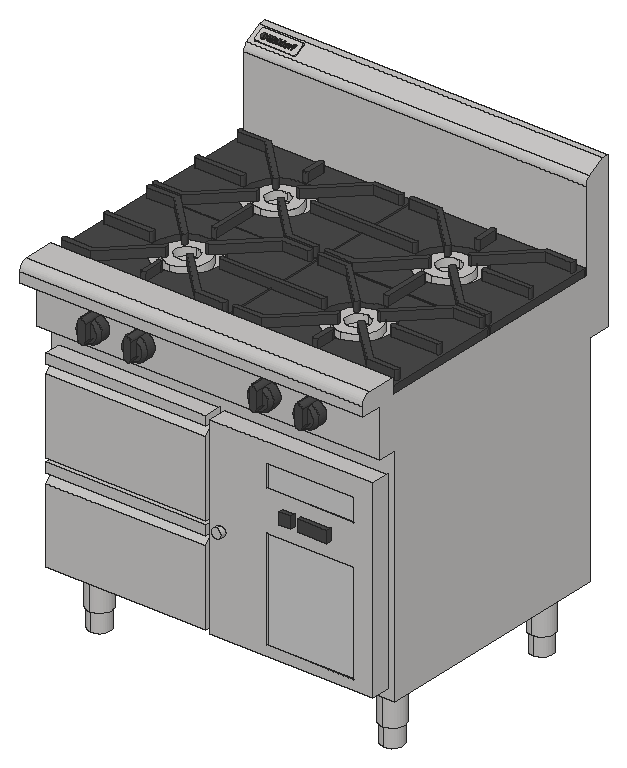
Revit family "QF_MOFFAT WALDORF_RN8900G-RB", category Specialty Equipment, Revit 2012
Parameters
  Weight in Pounds = 396.8316
  Watts = 250 W
  Volts = 240 V
  URL Cutsheet = "www.moffat.com"
  URL = "www.moffat.com"
  Type Mark [instance] = ""
  Status [instance] = ""
  Specification by User [instance] = ""
  Specification by Manufacturer = ""
  Show Logo [instance] = yes
  Show Door [instance] = no
  Show Clearance [instance] = yes
  Show Casters [instance] = no
  Serial Number = ""
  Seismic Rating = ""
  SMACNA No = ""
  Revision Code [instance] = ""
  Refrigerant Type = "R134a"
  Phase = 1
  Omniclass Number and Title = ""
  Number of Poles = 1
  NAFEM Spec ID Number = ""
  Model = "RN8900G-RB"
  Min Ckt Ampacity = 0 A
  Mechanical Remarks [instance] = ""
  Mechanical Connection Type [instance] = ""
  Max Overcurrent Protection = 0 A
  Masterspec = ""
  Manufacturer = "MOFFAT WALDORF"
  Legs [instance] = not(Show Casters)  # yes
  Item Number [instance] = ""
  Installed By [instance] = ""
  Identify Quantity as Lot [instance] = yes
  HP = ""
  Gas Size = 3/4"
  Gas RI Height [instance] = 0.0 mm
  Gas KW [instance] = 31
  Gas Input [instance] = 106156.0 Btu/h
  Gas Connection Height = 0.0 mm
  Furnished By [instance] = ""
  Foodservice Equipment Identifier [instance] = yes
  FL Amps = 1.8 A
  Elec Conn RI Height = 0.0 mm
  Elec Conn Connection Height = 0.0 mm
  Drawer Clearance [instance] = and(Show Clearance, and(Drawer))  # yes
  Drawer [instance] = not(Show Door)  # yes
  Door Clearance [instance] = and(Show Clearance, and(Show Door))  # no
  Description = "COOK TOP GAS ON REFRIGERATED BASE"
  Cycle = 50 Hz
  Conn Plug = ""
  Conn Conduit = yes
  CSI MasterFormat = ""
  CSI Master Format = ""
  Base Height [instance] = 150.0 mm
  Apparent Power = if(Phase = 3, Volts * FL Amps * 1.73, Volts * FL Amps)  # 432 VA
Reference planes
  plane 1 "BACK": y = 0
  plane 2: z = 0
  plane 3 "LEFT": x = 0
  plane 4 "RIGHT": x = 900
  plane 5 "FRONT": y = -805
  plane 6 "TOP": z = 1130
  plane 7 "Center Y": x = 450
  plane 8 "Center X": y = -402.5
  plane 9 "Base Height": z = 150
  plane 10: z = 915
  plane 11: z = 174
  plane 12: x = 617
  plane 13: z = 402
  plane 14: y = -135
  plane 15: y = -625
  plane 16: x = 65.8
Forms (mm)
  Extrusion 1, solid, material "QF_Finishes_Stainless Steel"
    sketch origin (0, 0, 0) x (0, 1, 0) y (0, 0, 1)
      loop
        line (-805, 891) -> (-805, 866) -> (-749, 866) -> (-749, 740) -> (-699, 740) -> (-699, 150) -> (-59, 150) -> (-59, 725) -> (0, 725) -> (0, 1130) -> (-16.5, 1130) -> (-58.709, 1105.631)
        arc (-58.709, 1105.631) -> (-66.975, 1097.365) -> (-70, 1086.074) r 22.582
        line (-70, 1086.074) -> (-70, 875) -> (-705, 875) -> (-705, 915) -> (-781, 915)
        arc (-781, 915) -> (-797.971, 907.971) -> (-805, 891) r 24
    from 0 to 900
  Revolve 2, solid, material "QF_Finishes_Black"
    sketch origin (285.001, 0, 600) x (0, -1, 0) y (0, 0, 1)
      loop
        line (782, 234.605) -> (759, 234.605) -> (759, 207.105) -> (749, 207.105) -> (749, 202.105) -> (793, 202.105) -> (793, 228.757) -> (782, 234.605)
      axis (793, 202.105) -> (749, 202.105)
    angle from 0 to 360
  Extrusion 3, solid, material "QF_Finishes_Black"
    sketch origin (-3.43, 0, 496.003) x (1, 0, 0) y (0, 0, 1)
      loop
        line (298.431, 294) -> (298.431, 332.997)
        arc (298.431, 332.997) -> (288.431, 342.997) -> (278.431, 332.997) r 10
        line (278.431, 332.997) -> (278.431, 294)
        arc (278.431, 294) -> (288.431, 284) -> (298.431, 294) r 10
    from 759 to 808
  Extrusion 4, solid, material "QF_Finishes_Stainless Steel"
    sketch origin (705, 3, 95) x (1, 0, 0) y (0, 1, 0)
      loop
        circle (65, -35) r 13.5
    from 560 to 630
  Revolve 5, solid, material "QF_Finishes_Black"
    sketch origin (165, 0, 599.873) x (0, 1, 0) y (0, 0, -1)
      loop
        line (-782, -234.5) -> (-759, -234.5) -> (-759, -207) -> (-749, -207) -> (-749, -202) -> (-793, -202) -> (-793, -228.651) -> (-782, -234.5)
      axis (-793, -202) -> (-749, -202)
    angle from 0 to 360
  Extrusion 6, solid, material "QF_Finishes_Black"
    sketch origin (303.27, 0, 600.031) x (-1, 0, 0) y (0, 0, -1)
      loop
        arc (148.269, -189.969) -> (138.269, -179.969) -> (128.269, -189.969) r 10
        line (128.269, -189.969) -> (128.269, -228.969)
        arc (128.269, -228.969) -> (138.269, -238.969) -> (148.269, -228.969) r 10
        line (148.269, -228.969) -> (148.269, -189.969)
    from 759 to 808
  Extrusion 7, solid, material "QF_Finishes_Black"
    sketch origin (0, -70, 894.5) x (0, -1, 0) y (1, 0, 0)
      loop
        spline (259.398, 230.775) -> (258.104, 230.557) -> (256.898, 229.918) -> (255.862, 228.9) -> (255.068, 227.575) -> (254.568, 226.031) -> (254.398, 224.375) -> (254.568, 222.719) -> (255.068, 221.175) -> (255.862, 219.85) -> (256.898, 218.832) -> (258.104, 218.193) -> (259.398, 217.975)
        line (259.398, 217.975) -> (375.602, 217.975)
        spline (375.602, 217.975) -> (376.896, 218.193) -> (378.102, 218.832) -> (379.138, 219.85) -> (379.932, 221.175) -> (380.432, 222.719) -> (380.602, 224.375) -> (380.432, 226.031) -> (379.932, 227.575) -> (379.138, 228.9) -> (378.102, 229.918) -> (376.896, 230.557) -> (375.602, 230.775)
        line (375.602, 230.775) -> (259.398, 230.775)
      loop
        spline (608.602, 217.975) -> (609.896, 218.193) -> (611.102, 218.832) -> (612.138, 219.85) -> (612.932, 221.175) -> (613.432, 222.719) -> (613.602, 224.375) -> (613.432, 226.031) -> (612.932, 227.575) -> (612.138, 228.9) -> (611.102, 229.918) -> (609.896, 230.557) -> (608.602, 230.775)
        line (608.602, 230.775) -> (559.398, 230.775)
        spline (559.398, 230.775) -> (558.104, 230.557) -> (556.898, 229.918) -> (555.862, 228.9) -> (555.068, 227.575) -> (554.568, 226.031) -> (554.398, 224.375) -> (554.568, 222.719) -> (555.068, 221.175) -> (555.862, 219.85) -> (556.898, 218.832) -> (558.104, 218.193) -> (559.398, 217.975)
        line (559.398, 217.975) -> (608.602, 217.975)
      loop
        line (473.9, 13.273) -> (473.9, 132.477)
        spline (473.9, 132.477) -> (473.682, 133.771) -> (473.043, 134.977) -> (472.025, 136.013) -> (470.7, 136.807) -> (469.156, 137.307) -> (467.5, 137.477) -> (465.844, 137.307) -> (464.3, 136.807) -> (462.975, 136.013) -> (461.957, 134.977) -> (461.318, 133.771) -> (461.1, 132.477)
        line (461.1, 132.477) -> (461.1, 13.273)
        spline (461.1, 13.273) -> (461.318, 11.979) -> (461.957, 10.773) -> (462.975, 9.737) -> (464.3, 8.943) -> (465.844, 8.443) -> (467.5, 8.273) -> (469.156, 8.443) -> (470.7, 8.943) -> (472.025, 9.737) -> (473.043, 10.773) -> (473.682, 11.979) -> (473.9, 13.273)
      loop
        line (21.428, 87.354) -> (21.428, 13.21)
        spline (21.428, 13.21) -> (21.656, 11.916) -> (22.325, 10.71) -> (23.39, 9.675) -> (24.778, 8.88) -> (26.394, 8.381) -> (28.128, 8.21) -> (29.862, 8.381) -> (31.478, 8.88) -> (32.865, 9.675) -> (33.93, 10.71) -> (34.599, 11.916) -> (34.828, 13.21)
        line (34.828, 13.21) -> (34.828, 82.652) -> (140.576, 188.4)
        spline (140.576, 188.4) -> (141.337, 189.47) -> (141.738, 190.774) -> (141.751, 192.226) -> (141.375, 193.725) -> (140.637, 195.17) -> (139.586, 196.461) -> (138.295, 197.512) -> (136.85, 198.25) -> (135.351, 198.626) -> (133.899, 198.613) -> (132.595, 198.212) -> (131.525, 197.451)
        line (131.525, 197.451) -> (21.428, 87.354)
      loop
        spline (26.398, 230.775) -> (25.104, 230.557) -> (23.898, 229.918) -> (22.862, 228.9) -> (22.068, 227.575) -> (21.568, 226.031) -> (21.398, 224.375) -> (21.568, 222.719) -> (22.068, 221.175) -> (22.862, 219.85) -> (23.898, 218.832) -> (25.104, 218.193) -> (26.398, 217.975)
        line (26.398, 217.975) -> (75.602, 217.975)
        spline (75.602, 217.975) -> (76.896, 218.193) -> (78.102, 218.832) -> (79.138, 219.85) -> (79.932, 221.175) -> (80.432, 222.719) -> (80.602, 224.375) -> (80.432, 226.031) -> (79.932, 227.575) -> (79.138, 228.9) -> (78.102, 229.918) -> (76.896, 230.557) -> (75.602, 230.775)
        line (75.602, 230.775) -> (26.398, 230.775)
      loop
        line (313.572, 87.354) -> (203.475, 197.451)
        spline (203.475, 197.451) -> (202.405, 198.212) -> (201.101, 198.613) -> (199.649, 198.626) -> (198.15, 198.25) -> (196.705, 197.512) -> (195.414, 196.461) -> (194.363, 195.17) -> (193.625, 193.725) -> (193.249, 192.226) -> (193.262, 190.774) -> (193.663, 189.47) -> (194.424, 188.4)
        line (194.424, 188.4) -> (300.172, 82.652) -> (300.172, 13.21)
        spline (300.172, 13.21) -> (300.401, 11.916) -> (301.07, 10.71) -> (302.135, 9.675) -> (303.522, 8.88) -> (305.138, 8.381) -> (306.872, 8.21) -> (308.606, 8.381) -> (310.222, 8.88) -> (311.61, 9.675) -> (312.675, 10.71) -> (313.344, 11.916) -> (313.572, 13.21)
        line (313.572, 13.21) -> (313.572, 87.354)
      loop
        line (173.9, 13.273) -> (173.9, 132.477)
        spline (173.9, 132.477) -> (173.682, 133.771) -> (173.043, 134.977) -> (172.025, 136.013) -> (170.7, 136.807) -> (169.156, 137.307) -> (167.5, 137.477) -> (165.844, 137.307) -> (164.3, 136.807) -> (162.975, 136.013) -> (161.957, 134.977) -> (161.318, 133.771) -> (161.1, 132.477)
        line (161.1, 132.477) -> (161.1, 13.273)
        spline (161.1, 13.273) -> (161.318, 11.979) -> (161.957, 10.773) -> (162.975, 9.737) -> (164.3, 8.943) -> (165.844, 8.443) -> (167.5, 8.273) -> (169.156, 8.443) -> (170.7, 8.943) -> (172.025, 9.737) -> (173.043, 10.773) -> (173.682, 11.979) -> (173.9, 13.273)
      loop
        line (21.428, 361.396) -> (131.525, 251.299)
        spline (131.525, 251.299) -> (132.595, 250.538) -> (133.899, 250.137) -> (135.351, 250.124) -> (136.85, 250.5) -> (138.295, 251.238) -> (139.586, 252.289) -> (140.637, 253.58) -> (141.375, 255.025) -> (141.751, 256.524) -> (141.738, 257.976) -> (141.337, 259.28) -> (140.576, 260.35)
        line (140.576, 260.35) -> (34.828, 366.098) -> (34.828, 435.54)
        spline (34.828, 435.54) -> (34.599, 436.834) -> (33.93, 438.04) -> (32.865, 439.075) -> (31.478, 439.87) -> (29.862, 440.369) -> (28.128, 440.54) -> (26.394, 440.369) -> (24.778, 439.87) -> (23.39, 439.075) -> (22.325, 438.04) -> (21.656, 436.834) -> (21.428, 435.54)
        line (21.428, 435.54) -> (21.428, 361.396)
      loop
        line (313.572, 361.396) -> (313.572, 435.54)
        spline (313.572, 435.54) -> (313.344, 436.834) -> (312.675, 438.04) -> (311.61, 439.075) -> (310.222, 439.87) -> (308.606, 440.369) -> (306.872, 440.54) -> (305.138, 440.369) -> (303.522, 439.87) -> (302.135, 439.075) -> (301.07, 438.04) -> (300.401, 436.834) -> (300.172, 435.54)
        line (300.172, 435.54) -> (300.172, 366.098) -> (194.424, 260.35)
        spline (194.424, 260.35) -> (193.663, 259.28) -> (193.262, 257.976) -> (193.249, 256.524) -> (193.625, 255.025) -> (194.363, 253.58) -> (195.414, 252.289) -> (196.705, 251.238) -> (198.15, 250.5) -> (199.649, 250.124) -> (201.101, 250.137) -> (202.405, 250.538) -> (203.475, 251.299)
        line (203.475, 251.299) -> (313.572, 361.396)
      loop
        spline (173.9, 583.727) -> (173.682, 585.021) -> (173.043, 586.227) -> (172.025, 587.263) -> (170.7, 588.057) -> (169.156, 588.557) -> (167.5, 588.727) -> (165.844, 588.557) -> (164.3, 588.057) -> (162.975, 587.263) -> (161.957, 586.227) -> (161.318, 585.021) -> (161.1, 583.727)
        line (161.1, 583.727) -> (161.1, 316.273)
        spline (161.1, 316.273) -> (161.318, 314.979) -> (161.957, 313.773) -> (162.975, 312.737) -> (164.3, 311.943) -> (165.844, 311.443) -> (167.5, 311.273) -> (169.156, 311.443) -> (170.7, 311.943) -> (172.025, 312.737) -> (173.043, 313.773) -> (173.682, 314.979) -> (173.9, 316.273)
        line (173.9, 316.273) -> (173.9, 583.727)
      loop
        line (320.428, 87.354) -> (320.428, 13.21)
        spline (320.428, 13.21) -> (320.656, 11.916) -> (321.325, 10.71) -> (322.39, 9.675) -> (323.778, 8.88) -> (325.394, 8.381) -> (327.128, 8.21) -> (328.862, 8.381) -> (330.478, 8.88) -> (331.865, 9.675) -> (332.93, 10.71) -> (333.599, 11.916) -> (333.828, 13.21)
        line (333.828, 13.21) -> (333.828, 82.652) -> (439.576, 188.4)
        spline (439.576, 188.4) -> (440.337, 189.47) -> (440.738, 190.774) -> (440.751, 192.226) -> (440.375, 193.725) -> (439.637, 195.17) -> (438.586, 196.461) -> (437.295, 197.512) -> (435.85, 198.25) -> (434.351, 198.626) -> (432.899, 198.613) -> (431.595, 198.212) -> (430.525, 197.451)
        line (430.525, 197.451) -> (320.428, 87.354)
      loop
        line (612.572, 87.354) -> (502.475, 197.451)
        spline (502.475, 197.451) -> (501.405, 198.212) -> (500.101, 198.613) -> (498.649, 198.626) -> (497.15, 198.25) -> (495.705, 197.512) -> (494.414, 196.461) -> (493.363, 195.17) -> (492.625, 193.725) -> (492.249, 192.226) -> (492.262, 190.774) -> (492.663, 189.47) -> (493.424, 188.4)
        line (493.424, 188.4) -> (599.172, 82.652) -> (599.172, 13.21)
        spline (599.172, 13.21) -> (599.401, 11.916) -> (600.07, 10.71) -> (601.135, 9.675) -> (602.522, 8.88) -> (604.138, 8.381) -> (605.872, 8.21) -> (607.606, 8.381) -> (609.222, 8.88) -> (610.61, 9.675) -> (611.675, 10.71) -> (612.344, 11.916) -> (612.572, 13.21)
        line (612.572, 13.21) -> (612.572, 87.354)
      loop
        line (320.428, 361.396) -> (430.525, 251.299)
        spline (430.525, 251.299) -> (431.595, 250.538) -> (432.899, 250.137) -> (434.351, 250.124) -> (435.85, 250.5) -> (437.295, 251.238) -> (438.586, 252.289) -> (439.637, 253.58) -> (440.375, 255.025) -> (440.751, 256.524) -> (440.738, 257.976) -> (440.337, 259.28) -> (439.576, 260.35)
        line (439.576, 260.35) -> (333.828, 366.098) -> (333.828, 435.54)
        spline (333.828, 435.54) -> (333.599, 436.834) -> (332.93, 438.04) -> (331.865, 439.075) -> (330.478, 439.87) -> (328.862, 440.369) -> (327.128, 440.54) -> (325.394, 440.369) -> (323.778, 439.87) -> (322.39, 439.075) -> (321.325, 438.04) -> (320.656, 436.834) -> (320.428, 435.54)
        line (320.428, 435.54) -> (320.428, 361.396)
      loop
        line (612.572, 361.396) -> (612.572, 435.54)
        spline (612.572, 435.54) -> (612.344, 436.834) -> (611.675, 438.04) -> (610.61, 439.075) -> (609.222, 439.87) -> (607.606, 440.369) -> (605.872, 440.54) -> (604.138, 440.369) -> (602.522, 439.87) -> (601.135, 439.075) -> (600.07, 438.04) -> (599.401, 436.834) -> (599.172, 435.54)
        line (599.172, 435.54) -> (599.172, 366.098) -> (493.424, 260.35)
        spline (493.424, 260.35) -> (492.663, 259.28) -> (492.262, 257.976) -> (492.249, 256.524) -> (492.625, 255.025) -> (493.363, 253.58) -> (494.414, 252.289) -> (495.705, 251.238) -> (497.15, 250.5) -> (498.649, 250.124) -> (500.101, 250.137) -> (501.405, 250.538) -> (502.475, 251.299)
        line (502.475, 251.299) -> (612.572, 361.396)
      loop
        spline (472.9, 583.727) -> (472.682, 585.021) -> (472.043, 586.227) -> (471.025, 587.263) -> (469.7, 588.057) -> (468.156, 588.557) -> (466.5, 588.727) -> (464.844, 588.557) -> (463.3, 588.057) -> (461.975, 587.263) -> (460.957, 586.227) -> (460.318, 585.021) -> (460.1, 583.727)
        line (460.1, 583.727) -> (460.1, 316.273)
        spline (460.1, 316.273) -> (460.318, 314.979) -> (460.957, 313.773) -> (461.975, 312.737) -> (463.3, 311.943) -> (464.844, 311.443) -> (466.5, 311.273) -> (468.156, 311.443) -> (469.7, 311.943) -> (471.025, 312.737) -> (472.043, 313.773) -> (472.682, 314.979) -> (472.9, 316.273)
        line (472.9, 316.273) -> (472.9, 583.727)
      loop
        line (259.398, 669.225) -> (375.602, 669.225)
        spline (375.602, 669.225) -> (376.896, 669.443) -> (378.102, 670.082) -> (379.138, 671.1) -> (379.932, 672.425) -> (380.432, 673.969) -> (380.602, 675.625) -> (380.432, 677.281) -> (379.932, 678.825) -> (379.138, 680.15) -> (378.102, 681.168) -> (376.896, 681.807) -> (375.602, 682.025)
        line (375.602, 682.025) -> (259.398, 682.025)
        spline (259.398, 682.025) -> (258.104, 681.807) -> (256.898, 681.168) -> (255.862, 680.15) -> (255.068, 678.825) -> (254.568, 677.281) -> (254.398, 675.625) -> (254.568, 673.969) -> (255.068, 672.425) -> (255.862, 671.1) -> (256.898, 670.082) -> (258.104, 669.443) -> (259.398, 669.225)
      loop
        line (608.602, 682.025) -> (559.398, 682.025)
        spline (559.398, 682.025) -> (558.104, 681.807) -> (556.898, 681.168) -> (555.862, 680.15) -> (555.068, 678.825) -> (554.568, 677.281) -> (554.398, 675.625) -> (554.568, 673.969) -> (555.068, 672.425) -> (555.862, 671.1) -> (556.898, 670.082) -> (558.104, 669.443) -> (559.398, 669.225)
        line (559.398, 669.225) -> (608.602, 669.225)
        spline (608.602, 669.225) -> (609.896, 669.443) -> (611.102, 670.082) -> (612.138, 671.1) -> (612.932, 672.425) -> (613.432, 673.969) -> (613.602, 675.625) -> (613.432, 677.281) -> (612.932, 678.825) -> (612.138, 680.15) -> (611.102, 681.168) -> (609.896, 681.807) -> (608.602, 682.025)
      loop
        spline (473.9, 886.727) -> (473.682, 888.021) -> (473.043, 889.227) -> (472.025, 890.263) -> (470.7, 891.057) -> (469.156, 891.557) -> (467.5, 891.727) -> (465.844, 891.557) -> (464.3, 891.057) -> (462.975, 890.263) -> (461.957, 889.227) -> (461.318, 888.021) -> (461.1, 886.727)
        line (461.1, 886.727) -> (461.1, 767.523)
        spline (461.1, 767.523) -> (461.318, 766.229) -> (461.957, 765.023) -> (462.975, 763.987) -> (464.3, 763.193) -> (465.844, 762.693) -> (467.5, 762.523) -> (469.156, 762.693) -> (470.7, 763.193) -> (472.025, 763.987) -> (473.043, 765.023) -> (473.682, 766.229) -> (473.9, 767.523)
        line (473.9, 767.523) -> (473.9, 886.727)
      loop
        line (21.428, 812.646) -> (131.525, 702.549)
        spline (131.525, 702.549) -> (132.595, 701.788) -> (133.899, 701.387) -> (135.351, 701.374) -> (136.85, 701.75) -> (138.295, 702.488) -> (139.586, 703.539) -> (140.637, 704.83) -> (141.375, 706.275) -> (141.751, 707.774) -> (141.738, 709.226) -> (141.337, 710.53) -> (140.576, 711.6)
        line (140.576, 711.6) -> (34.828, 817.348) -> (34.828, 886.79)
        spline (34.828, 886.79) -> (34.599, 888.084) -> (33.93, 889.29) -> (32.865, 890.325) -> (31.478, 891.12) -> (29.862, 891.619) -> (28.128, 891.79) -> (26.394, 891.619) -> (24.778, 891.12) -> (23.39, 890.325) -> (22.325, 889.29) -> (21.656, 888.084) -> (21.428, 886.79)
        line (21.428, 886.79) -> (21.428, 812.646)
      loop
        line (26.398, 669.225) -> (75.602, 669.225)
        spline (75.602, 669.225) -> (76.896, 669.443) -> (78.102, 670.082) -> (79.138, 671.1) -> (79.932, 672.425) -> (80.432, 673.969) -> (80.602, 675.625) -> (80.432, 677.281) -> (79.932, 678.825) -> (79.138, 680.15) -> (78.102, 681.168) -> (76.896, 681.807) -> (75.602, 682.025)
        line (75.602, 682.025) -> (26.398, 682.025)
        spline (26.398, 682.025) -> (25.104, 681.807) -> (23.898, 681.168) -> (22.862, 680.15) -> (22.068, 678.825) -> (21.568, 677.281) -> (21.398, 675.625) -> (21.568, 673.969) -> (22.068, 672.425) -> (22.862, 671.1) -> (23.898, 670.082) -> (25.104, 669.443) -> (26.398, 669.225)
      loop
        line (313.572, 812.646) -> (313.572, 886.79)
        spline (313.572, 886.79) -> (313.344, 888.084) -> (312.675, 889.29) -> (311.61, 890.325) -> (310.222, 891.12) -> (308.606, 891.619) -> (306.872, 891.79) -> (305.138, 891.619) -> (303.522, 891.12) -> (302.135, 890.325) -> (301.07, 889.29) -> (300.401, 888.084) -> (300.172, 886.79)
        line (300.172, 886.79) -> (300.172, 817.348) -> (194.424, 711.6)
        spline (194.424, 711.6) -> (193.663, 710.53) -> (193.262, 709.226) -> (193.249, 707.774) -> (193.625, 706.275) -> (194.363, 704.83) -> (195.414, 703.539) -> (196.705, 702.488) -> (198.15, 701.75) -> (199.649, 701.374) -> (201.101, 701.387) -> (202.405, 701.788) -> (203.475, 702.549)
        line (203.475, 702.549) -> (313.572, 812.646)
      loop
        spline (173.9, 886.727) -> (173.682, 888.021) -> (173.043, 889.227) -> (172.025, 890.263) -> (170.7, 891.057) -> (169.156, 891.557) -> (167.5, 891.727) -> (165.844, 891.557) -> (164.3, 891.057) -> (162.975, 890.263) -> (161.957, 889.227) -> (161.318, 888.021) -> (161.1, 886.727)
        line (161.1, 886.727) -> (161.1, 767.523)
        spline (161.1, 767.523) -> (161.318, 766.229) -> (161.957, 765.023) -> (162.975, 763.987) -> (164.3, 763.193) -> (165.844, 762.693) -> (167.5, 762.523) -> (169.156, 762.693) -> (170.7, 763.193) -> (172.025, 763.987) -> (173.043, 765.023) -> (173.682, 766.229) -> (173.9, 767.523)
        line (173.9, 767.523) -> (173.9, 886.727)
      loop
        line (21.428, 538.604) -> (21.428, 464.46)
        spline (21.428, 464.46) -> (21.656, 463.166) -> (22.325, 461.96) -> (23.39, 460.925) -> (24.778, 460.13) -> (26.394, 459.631) -> (28.128, 459.46) -> (29.862, 459.631) -> (31.478, 460.13) -> (32.865, 460.925) -> (33.93, 461.96) -> (34.599, 463.166) -> (34.828, 464.46)
        line (34.828, 464.46) -> (34.828, 533.902) -> (140.576, 639.65)
        spline (140.576, 639.65) -> (141.337, 640.72) -> (141.738, 642.024) -> (141.751, 643.476) -> (141.375, 644.975) -> (140.637, 646.42) -> (139.586, 647.711) -> (138.295, 648.762) -> (136.85, 649.5) -> (135.351, 649.876) -> (133.899, 649.863) -> (132.595, 649.462) -> (131.525, 648.701)
        line (131.525, 648.701) -> (21.428, 538.604)
      loop
        line (313.572, 538.604) -> (203.475, 648.701)
        spline (203.475, 648.701) -> (202.405, 649.462) -> (201.101, 649.863) -> (199.649, 649.876) -> (198.15, 649.5) -> (196.705, 648.762) -> (195.414, 647.711) -> (194.363, 646.42) -> (193.625, 644.975) -> (193.249, 643.476) -> (193.262, 642.024) -> (193.663, 640.72) -> (194.424, 639.65)
        line (194.424, 639.65) -> (300.172, 533.902) -> (300.172, 464.46)
        spline (300.172, 464.46) -> (300.401, 463.166) -> (301.07, 461.96) -> (302.135, 460.925) -> (303.522, 460.13) -> (305.138, 459.631) -> (306.872, 459.46) -> (308.606, 459.631) -> (310.222, 460.13) -> (311.61, 460.925) -> (312.675, 461.96) -> (313.344, 463.166) -> (313.572, 464.46)
        line (313.572, 464.46) -> (313.572, 538.604)
      loop
        line (320.428, 812.646) -> (430.525, 702.549)
        spline (430.525, 702.549) -> (431.595, 701.788) -> (432.899, 701.387) -> (434.351, 701.374) -> (435.85, 701.75) -> (437.295, 702.488) -> (438.586, 703.539) -> (439.637, 704.83) -> (440.375, 706.275) -> (440.751, 707.774) -> (440.738, 709.226) -> (440.337, 710.53) -> (439.576, 711.6)
        line (439.576, 711.6) -> (333.828, 817.348) -> (333.828, 886.79)
        spline (333.828, 886.79) -> (333.599, 888.084) -> (332.93, 889.29) -> (331.865, 890.325) -> (330.478, 891.12) -> (328.862, 891.619) -> (327.128, 891.79) -> (325.394, 891.619) -> (323.778, 891.12) -> (322.39, 890.325) -> (321.325, 889.29) -> (320.656, 888.084) -> (320.428, 886.79)
        line (320.428, 886.79) -> (320.428, 812.646)
      loop
        line (612.572, 812.646) -> (612.572, 886.79)
        spline (612.572, 886.79) -> (612.344, 888.084) -> (611.675, 889.29) -> (610.61, 890.325) -> (609.222, 891.12) -> (607.606, 891.619) -> (605.872, 891.79) -> (604.138, 891.619) -> (602.522, 891.12) -> (601.135, 890.325) -> (600.07, 889.29) -> (599.401, 888.084) -> (599.172, 886.79)
        line (599.172, 886.79) -> (599.172, 817.348) -> (493.424, 711.6)
        spline (493.424, 711.6) -> (492.663, 710.53) -> (492.262, 709.226) -> (492.249, 707.774) -> (492.625, 706.275) -> (493.363, 704.83) -> (494.414, 703.539) -> (495.705, 702.488) -> (497.15, 701.75) -> (498.649, 701.374) -> (500.101, 701.387) -> (501.405, 701.788) -> (502.475, 702.549)
        line (502.475, 702.549) -> (612.572, 812.646)
      loop
        line (320.428, 538.604) -> (320.428, 464.46)
        spline (320.428, 464.46) -> (320.656, 463.166) -> (321.325, 461.96) -> (322.39, 460.925) -> (323.778, 460.13) -> (325.394, 459.631) -> (327.128, 459.46) -> (328.862, 459.631) -> (330.478, 460.13) -> (331.865, 460.925) -> (332.93, 461.96) -> (333.599, 463.166) -> (333.828, 464.46)
        line (333.828, 464.46) -> (333.828, 533.902) -> (439.576, 639.65)
        spline (439.576, 639.65) -> (440.337, 640.72) -> (440.738, 642.024) -> (440.751, 643.476) -> (440.375, 644.975) -> (439.637, 646.42) -> (438.586, 647.711) -> (437.295, 648.762) -> (435.85, 649.5) -> (434.351, 649.876) -> (432.899, 649.863) -> (431.595, 649.462) -> (430.525, 648.701)
        line (430.525, 648.701) -> (320.428, 538.604)
      loop
        line (612.572, 538.604) -> (502.475, 648.701)
        spline (502.475, 648.701) -> (501.405, 649.462) -> (500.101, 649.863) -> (498.649, 649.876) -> (497.15, 649.5) -> (495.705, 648.762) -> (494.414, 647.711) -> (493.363, 646.42) -> (492.625, 644.975) -> (492.249, 643.476) -> (492.262, 642.024) -> (492.663, 640.72) -> (493.424, 639.65)
        line (493.424, 639.65) -> (599.172, 533.902) -> (599.172, 464.46)
        spline (599.172, 464.46) -> (599.401, 463.166) -> (600.07, 461.96) -> (601.135, 460.925) -> (602.522, 460.13) -> (604.138, 459.631) -> (605.872, 459.46) -> (607.606, 459.631) -> (609.222, 460.13) -> (610.61, 460.925) -> (611.675, 461.96) -> (612.344, 463.166) -> (612.572, 464.46)
        line (612.572, 464.46) -> (612.572, 538.604)
    from 0 to 23.5
  Revolve 8, solid, material "QF_Finishes_Black"
    sketch origin (735, 0, 600) x (0, -1, 0) y (0, 0, 1)
      loop
        line (782, 234.605) -> (759, 234.605) -> (759, 207.105) -> (749, 207.105) -> (749, 202.105) -> (793, 202.105) -> (793, 228.757) -> (782, 234.605)
      axis (793, 202.105) -> (749, 202.105)
    angle from 0 to 360
  Extrusion 9, solid, material "QF_Finishes_Black"
    sketch origin (596.569, 0, 496.003) x (1, 0, 0) y (0, 0, 1)
      loop
        line (148.431, 294) -> (148.431, 332.997)
        arc (148.431, 332.997) -> (138.431, 342.997) -> (128.431, 332.997) r 10
        line (128.431, 332.997) -> (128.431, 294)
        arc (128.431, 294) -> (138.431, 284) -> (148.431, 294) r 10
    from 759 to 808
  Revolve 10, solid, material "QF_Finishes_Black"
    sketch origin (615, 0, 599.907) x (0, 1, 0) y (0, 0, -1)
      loop
        line (-782, -234.5) -> (-759, -234.5) -> (-759, -207) -> (-749, -207) -> (-749, -202) -> (-793, -202) -> (-793, -228.651) -> (-782, -234.5)
      axis (-793, -202) -> (-749, -202)
    angle from 0 to 360
  Extrusion 11, solid, material "QF_Finishes_Black"
    sketch origin (603.269, 0, 600.031) x (-1, 0, 0) y (0, 0, -1)
      loop
        arc (-1.731, -189.969) -> (-11.731, -179.969) -> (-21.731, -189.969) r 10
        line (-21.731, -189.969) -> (-21.731, -228.969)
        arc (-21.731, -228.969) -> (-11.731, -238.969) -> (-1.731, -228.969) r 10
        line (-1.731, -228.969) -> (-1.731, -189.969)
    from 759 to 808
  Revolve 12, solid, material "QF_Finishes_Stainless Steel", visible <- "Legs"
    sketch origin (65, -200, 0) x (0, 1, 0) y (0, 0, 1)
      loop
        line (33.25, 150) -> (33.25, 50) -> (37.5, 50) -> (37.5, 0) -> (65, 0) -> (65, 150) -> (33.25, 150)
      axis (65, 150) -> (65, 0)
    angle from 0 to 360
  Revolve 13, solid, material "QF_Finishes_Stainless Steel"
    sketch origin (65, -735, 0) x (0, 1, 0) y (0, 0, 1)
      loop
        line (78.25, 150) -> (78.25, 50) -> (82.5, 50) -> (82.5, 0) -> (110, 0) -> (110, 150) -> (78.25, 150)
      axis (110, 150) -> (110, 0)
    angle from 0 to 360
  Revolve 14, solid, material "QF_Finishes_Stainless Steel", visible <- "Legs"
    sketch origin (835, -200, 0) x (0, 1, 0) y (0, 0, -1)
      loop
        line (33.25, -150) -> (65, -150) -> (65, 0) -> (37.5, 0) -> (37.5, -50) -> (33.25, -50) -> (33.25, -150)
      axis (65, -150) -> (65, 0)
    angle from 0 to 360
  Revolve 15, solid, material "QF_Finishes_Stainless Steel"
    sketch origin (835, -735, 0) x (0, 1, 0) y (0, 0, -1)
      loop
        line (78.25, -150) -> (110, -150) -> (110, 0) -> (82.5, 0) -> (82.5, -50) -> (78.25, -50) -> (78.25, -150)
      axis (110, -150) -> (110, 0)
    angle from 0 to 360
  Extrusion 16, solid, material "QF_Finishes_Stainless Steel"
    sketch origin (0, -699, 866) x (0, 0, -1) y (1, 0, 0)
      loop
        line (188, 881) -> (188, 453) -> (692, 453) -> (692, 881) -> (188, 881)
      loop
        line (667, 831) -> (402, 831) -> (402, 601) -> (667, 601) -> (667, 831)
      loop
        line (238, 831) -> (238, 601) -> (298, 601) -> (298, 831) -> (238, 831)
    from 0 to 48
  Extrusion 17, solid, material "QF_Finishes_Black"
    sketch origin (0, -747, 866) x (0, 0, -1) y (1, 0, 0)
      loop
        line (332.46, 644.926) -> (362.46, 644.926) -> (362.46, 674.926) -> (332.46, 674.926) -> (332.46, 644.926)
      loop
        line (332.46, 692.503) -> (362.46, 692.503) -> (362.46, 770.815) -> (332.46, 770.815) -> (332.46, 692.503)
    from 0 to 12.7
  Extrusion 18, solid, material "QF_Finishes_Stainless Steel"
    sketch origin (0, -747, 866) x (0, 0, -1) y (1, 0, 0)
      loop
        circle (441.229, 480.856) r 12.395
    from 0 to 12.7
  Extrusion 19, solid, material "QF_Finishes_Vents"
    sketch origin (0, -699, 866) x (0, 0, 1) y (1, 0, 0)
      loop
        line (-298, 601) -> (-238, 601) -> (-238, 831) -> (-298, 831) -> (-298, 601)
      loop
        line (-402, 601) -> (-402, 831) -> (-667, 831) -> (-667, 601) -> (-402, 601)
    from 0 to -44.529
  Extrusion 20, solid, material "QF_Finishes_Stainless Steel"
    sketch origin (0, 0, 740) x (0, 0, 1) y (1, 0, 0)
      loop
        circle (-338, 617) r 6.35
    from 0 to 1.6
  Extrusion 21, solid, material "QF_Finishes_Stainless Steel"
    sketch origin (0, -70, 875) x (0, -1, 0) y (1, 0, 0)
      loop
        circle (167.5, 224) r 57
      loop
        circle (167.5, 674) r 57
      loop
        circle (466.5, 674) r 57
      loop
        circle (466.5, 224) r 57
      loop
        circle (167.5, 224) r 30
      loop
        circle (167.5, 674) r 30
      loop
        circle (466.5, 674) r 30
      loop
        circle (466.5, 224) r 30
    from 0 to 20
  Extrusion 22, solid, material "QF_Finishes_Black"
    sketch origin (0, -70, 875) x (0, -1, 0) y (1, 0, 0)
      loop
        arc (1, 4) -> (1.879, 1.879) -> (4, 1) r 3
        line (4, 1) -> (312.375, 1)
        arc (312.375, 1) -> (314.496, 1.879) -> (315.375, 4) r 3
        line (315.375, 4) -> (315.375, 445.187)
        arc (315.375, 445.187) -> (314.496, 447.309) -> (312.375, 448.187) r 3
        line (312.375, 448.187) -> (4, 448.187)
        arc (4, 448.187) -> (1.879, 447.309) -> (1, 445.187) r 3
        line (1, 445.187) -> (1, 4)
      loop
        line (631, 899) -> (321.375, 899)
        arc (321.375, 899) -> (319.254, 898.121) -> (318.375, 896) r 3
        line (318.375, 896) -> (318.375, 454.812)
        arc (318.375, 454.812) -> (319.254, 452.691) -> (321.375, 451.812) r 3
        line (321.375, 451.812) -> (631, 451.812)
        arc (631, 451.812) -> (633.121, 452.691) -> (634, 454.812) r 3
        line (634, 454.812) -> (634, 896)
        arc (634, 896) -> (633.121, 898.121) -> (631, 899) r 3
      loop
        arc (4, 899) -> (1.879, 898.121) -> (1, 896) r 3
        line (1, 896) -> (1, 454.812)
        arc (1, 454.812) -> (1.879, 452.691) -> (4, 451.812) r 3
        line (4, 451.812) -> (312.375, 451.812)
        arc (312.375, 451.812) -> (314.496, 452.691) -> (315.375, 454.812) r 3
        line (315.375, 454.812) -> (315.375, 896)
        arc (315.375, 896) -> (314.496, 898.121) -> (312.375, 899) r 3
        line (312.375, 899) -> (4, 899)
      loop
        line (634, 4) -> (634, 445.187)
        arc (634, 445.187) -> (633.121, 447.309) -> (631, 448.187) r 3
        line (631, 448.187) -> (321.375, 448.187)
        arc (321.375, 448.187) -> (319.254, 447.309) -> (318.375, 445.187) r 3
        line (318.375, 445.187) -> (318.375, 4)
        arc (318.375, 4) -> (319.254, 1.879) -> (321.375, 1) r 3
        line (321.375, 1) -> (631, 1)
        arc (631, 1) -> (633.121, 1.879) -> (634, 4) r 3
      loop
        circle (167.98, 675.95) r 84.082
      loop
        circle (467.98, 675.95) r 84.082
      loop
        circle (467.079, 224.937) r 84.082
      loop
        circle (167.079, 224.937) r 84.082
    from 0 to 19.5
Lines and regions (mm)
  Split face 1
    outline origin (49.063, -19.748, 1128.125) x (0, -0.866025, -0.5) y (1, 0, 0)
      loop
        line (1.427, 105.5) -> (35.836, 105.5) -> (35.836, 125.5) -> (1.427, 125.5) -> (1.427, 105.5)
  Split face 2
    outline origin (99.063, -19.748, 1128.125) x (0, -0.866025, -0.5) y (1, 0, 0)
      loop
        line (1.427, 105.5) -> (35.836, 105.5) -> (35.836, 125.5) -> (1.427, 125.5) -> (1.427, 105.5)
  Split face 3
    outline origin (149.063, -19.748, 1128.125) x (0, -0.866025, -0.5) y (1, 0, 0)
      loop
        line (1.427, 105.5) -> (35.836, 105.5) -> (35.836, 125.5) -> (1.427, 125.5) -> (1.427, 105.5)
  Split face 4
    outline origin (199.063, -19.748, 1128.125) x (0, -0.866025, -0.5) y (1, 0, 0)
      loop
        line (1.427, 105.5) -> (35.836, 105.5) -> (35.836, 125.5) -> (1.427, 125.5) -> (1.427, 105.5)
  Split face 5
    outline origin (249.063, -19.748, 1128.125) x (0, -0.866025, -0.5) y (1, 0, 0)
      loop
        line (1.427, 105.5) -> (35.836, 105.5) -> (35.836, 125.5) -> (1.427, 125.5) -> (1.427, 105.5)
  Split face 6
    outline origin (299.063, -19.748, 1128.125) x (0, -0.866025, -0.5) y (1, 0, 0)
      loop
        line (1.427, 105.5) -> (35.836, 105.5) -> (35.836, 125.5) -> (1.427, 125.5) -> (1.427, 105.5)
  Split face 7
    outline origin (349.063, -19.748, 1128.125) x (0, -0.866025, -0.5) y (1, 0, 0)
      loop
        line (1.427, 105.5) -> (35.836, 105.5) -> (35.836, 125.5) -> (1.427, 125.5) -> (1.427, 105.5)
  Split face 8
    outline origin (399.063, -19.748, 1128.125) x (0, -0.866025, -0.5) y (1, 0, 0)
      loop
        line (1.427, 105.5) -> (35.836, 105.5) -> (35.836, 125.5) -> (1.427, 125.5) -> (1.427, 105.5)
  Split face 9
    outline origin (449.063, -19.748, 1128.125) x (0, -0.866025, -0.5) y (1, 0, 0)
      loop
        line (1.427, 105.5) -> (35.836, 105.5) -> (35.836, 125.5) -> (1.427, 125.5) -> (1.427, 105.5)
  Split face 10
    outline origin (499.063, -19.748, 1128.125) x (0, -0.866025, -0.5) y (1, 0, 0)
      loop
        line (1.427, 105.5) -> (35.836, 105.5) -> (35.836, 125.5) -> (1.427, 125.5) -> (1.427, 105.5)
  Split face 11
    outline origin (549.063, -19.748, 1128.125) x (0, -0.866025, -0.5) y (1, 0, 0)
      loop
        line (1.427, 105.5) -> (35.836, 105.5) -> (35.836, 125.5) -> (1.427, 125.5) -> (1.427, 105.5)
  Split face 12
    outline origin (599.063, -19.748, 1128.125) x (0, -0.866025, -0.5) y (1, 0, 0)
      loop
        line (1.427, 105.5) -> (35.836, 105.5) -> (35.836, 125.5) -> (1.427, 125.5) -> (1.427, 105.5)
  symbolic lines, visible <- "Show Logo"
    curve 1: line (12.5, -52.06, 0) -> (12.5, -21.099, 0)
    curve 2: line (121.5, -21.099, 0) -> (121.5, -52.06, 0)
    curve 3: line (12.5, -21.099, 0) -> (121.5, -21.099, 0)
    curve 4: line (12.5, -52.06, 0) -> (121.5, -52.06, 0)
  symbolic lines
    curve 5: line (154.563, -50.782, 0) -> (154.563, -20.984, 0)
    curve 6: line (154.563, -20.984, 0) -> (174.562, -20.984, 0)
    curve 7: line (174.562, -20.984, 0) -> (174.562, -50.782, 0)
    curve 8: line (174.562, -50.782, 0) -> (154.563, -50.782, 0)
    curve 9: line (204.563, -20.984, 0) -> (204.563, -50.782, 0)
    curve 10: line (204.563, -50.782, 0) -> (224.562, -50.782, 0)
    curve 11: line (224.562, -50.782, 0) -> (224.562, -20.984, 0)
    curve 12: line (224.562, -20.984, 0) -> (204.563, -20.984, 0)
    curve 13: line (254.563, -20.984, 0) -> (254.563, -50.782, 0)
    curve 14: line (254.563, -50.782, 0) -> (274.562, -50.782, 0)
    curve 15: line (274.562, -50.782, 0) -> (274.562, -20.984, 0)
    curve 16: line (274.562, -20.984, 0) -> (254.563, -20.984, 0)
    curve 17: line (304.563, -20.984, 0) -> (304.563, -50.782, 0)
    curve 18: line (304.563, -50.782, 0) -> (324.563, -50.782, 0)
    curve 19: line (324.563, -50.782, 0) -> (324.563, -20.984, 0)
    curve 20: line (324.563, -20.984, 0) -> (304.563, -20.984, 0)
    curve 21: line (354.563, -20.984, 0) -> (354.563, -50.782, 0)
    curve 22: line (354.563, -50.782, 0) -> (374.563, -50.782, 0)
    curve 23: line (374.563, -50.782, 0) -> (374.563, -20.984, 0)
    curve 24: line (374.563, -20.984, 0) -> (354.563, -20.984, 0)
    curve 25: line (404.563, -50.782, 0) -> (404.563, -20.984, 0)
    curve 26: line (404.563, -20.984, 0) -> (424.563, -20.984, 0)
    curve 27: line (424.563, -20.984, 0) -> (424.563, -50.782, 0)
    curve 28: line (424.563, -50.782, 0) -> (404.563, -50.782, 0)
    curve 29: line (454.563, -50.782, 0) -> (454.563, -20.984, 0)
    curve 30: line (454.563, -20.984, 0) -> (474.563, -20.984, 0)
    curve 31: line (474.563, -20.984, 0) -> (474.563, -50.782, 0)
    curve 32: line (474.563, -50.782, 0) -> (454.563, -50.782, 0)
    curve 33: line (504.563, -20.984, 0) -> (504.563, -50.782, 0)
    curve 34: line (504.563, -50.782, 0) -> (524.563, -50.782, 0)
    curve 35: line (524.563, -50.782, 0) -> (524.563, -20.984, 0)
    curve 36: line (524.563, -20.984, 0) -> (504.563, -20.984, 0)
    curve 37: line (554.563, -50.782, 0) -> (554.563, -20.984, 0)
    curve 38: line (554.563, -20.984, 0) -> (574.563, -20.984, 0)
    curve 39: line (574.563, -20.984, 0) -> (574.563, -50.782, 0)
    curve 40: line (574.563, -50.782, 0) -> (554.563, -50.782, 0)
    curve 41: line (604.563, -50.782, 0) -> (604.563, -20.984, 0)
    curve 42: line (604.563, -20.984, 0) -> (624.563, -20.984, 0)
    curve 43: line (624.563, -20.984, 0) -> (624.563, -50.782, 0)
    curve 44: line (624.563, -50.782, 0) -> (604.563, -50.782, 0)
    curve 45: line (654.563, -50.782, 0) -> (654.563, -20.984, 0)
    curve 46: line (654.563, -20.984, 0) -> (674.563, -20.984, 0)
    curve 47: line (674.563, -20.984, 0) -> (674.563, -50.782, 0)
    curve 48: line (674.563, -50.782, 0) -> (654.563, -50.782, 0)
    curve 49: line (724.563, -50.782, 0) -> (704.563, -50.782, 0)
    curve 50: line (704.563, -50.782, 0) -> (704.563, -20.984, 0)
    curve 51: line (704.563, -20.984, 0) -> (724.563, -20.984, 0)
    curve 52: line (724.563, -20.984, 0) -> (724.563, -50.782, 0)
    curve 53: line (0, -805, 0) -> (900, -805, 0)
    curve 54: line (0, 0, 0) -> (0, -805, 0)
    curve 55: line (900, -805, 0) -> (900, 0, 0)
    curve 56: line (900, 0, 0) -> (0, 0, 0)
    curve 57: line (0, -70, 0) -> (900, -70, 0)
    curve 58: line (900, -705, 0) -> (0, -705, 0)
    curve 59: line (7.898, -98.128, 0) -> (84.628, -98.128, 0)
    curve 60: line (84.628, -98.128, 0) -> (192.551, -206.051, 0)
    curve 61: line (224, -96.398, 0) -> (224, -145.602, 0)
    curve 62: line (440.102, -98.128, 0) -> (363.372, -98.128, 0)
    curve 63: line (363.372, -98.128, 0) -> (255.449, -206.051, 0)
    curve 64: line (578.727, -237.5, 0) -> (315.898, -237.5, 0)
    curve 65: line (457.898, -98.128, 0) -> (534.628, -98.128, 0)
    curve 66: line (534.628, -98.128, 0) -> (642.551, -206.051, 0)
    curve 67: line (7.898, -237.5, 0) -> (132.102, -237.5, 0)
    curve 68: line (7.898, -376.872, 0) -> (84.628, -376.872, 0)
    curve 69: line (84.628, -376.872, 0) -> (192.551, -268.949, 0)
    curve 70: line (224, -440.611, 0) -> (224, -329.398, 0)
    curve 71: line (440.102, -376.872, 0) -> (363.372, -376.872, 0)
    curve 72: line (363.372, -376.872, 0) -> (255.449, -268.949, 0)
    curve 73: line (7.898, -397.128, 0) -> (84.628, -397.128, 0)
    curve 74: line (84.628, -397.128, 0) -> (192.551, -505.051, 0)
    curve 75: line (440.102, -397.128, 0) -> (363.372, -397.128, 0)
    curve 76: line (363.372, -397.128, 0) -> (255.449, -505.051, 0)
    curve 77: line (578.727, -536.5, 0) -> (315.898, -536.5, 0)
    curve 78: line (7.898, -536.5, 0) -> (132.102, -536.5, 0)
    curve 79: line (7.898, -675.872, 0) -> (84.628, -675.872, 0)
    curve 80: line (84.628, -675.872, 0) -> (192.551, -567.949, 0)
    curve 81: line (224, -677.602, 0) -> (224, -628.398, 0)
    curve 82: line (440.102, -675.872, 0) -> (363.372, -675.872, 0)
    curve 83: line (363.372, -675.872, 0) -> (255.449, -567.949, 0)
    curve 84: arc (224, -479.5, 0) -> (281, -536.5, 0) -> (224, -593.5, 0) r 57
    curve 85: arc (224, -593.5, 0) -> (167, -536.5, 0) -> (224, -479.5, 0) r 57
    curve 86: arc (224, -180.5, 0) -> (281, -237.5, 0) -> (224, -294.5, 0) r 57
    curve 87: arc (224, -294.5, 0) -> (167, -237.5, 0) -> (224, -180.5, 0) r 57
    curve 88: arc (674, -294.5, 0) -> (617, -237.5, 0) -> (674, -180.5, 0) r 57
    curve 89: arc (674, -180.5, 0) -> (731, -237.5, 0) -> (674, -294.5, 0) r 57
    curve 90: arc (674, -593.5, 0) -> (617, -536.5, 0) -> (674, -479.5, 0) r 57
    curve 91: arc (674, -479.5, 0) -> (731, -536.5, 0) -> (674, -593.5, 0) r 57
    curve 92: line (457.898, -376.872, 0) -> (534.628, -376.872, 0)
    curve 93: line (534.628, -376.872, 0) -> (642.551, -268.949, 0)
    curve 94: line (890.102, -98.128, 0) -> (813.372, -98.128, 0)
    curve 95: line (813.372, -98.128, 0) -> (705.449, -206.051, 0)
    curve 96: line (674, -96.398, 0) -> (674, -145.602, 0)
    curve 97: line (890.102, -237.5, 0) -> (765.898, -237.5, 0)
    curve 98: line (890.102, -376.872, 0) -> (813.372, -376.872, 0)
    curve 99: line (813.372, -376.872, 0) -> (705.449, -268.949, 0)
    curve 100: line (890.102, -397.128, 0) -> (813.372, -397.128, 0)
    curve 101: line (813.372, -397.128, 0) -> (705.449, -505.051, 0)
    curve 102: line (457.898, -397.128, 0) -> (534.628, -397.128, 0)
    curve 103: line (534.628, -397.128, 0) -> (642.551, -505.051, 0)
    curve 104: line (674, -440.766, 0) -> (674, -329.398, 0)
    curve 105: line (890.102, -536.5, 0) -> (765.898, -536.5, 0)
    curve 106: line (890.102, -675.872, 0) -> (813.372, -675.872, 0)
    curve 107: line (813.372, -675.872, 0) -> (705.449, -567.949, 0)
    curve 108: line (674, -677.602, 0) -> (674, -628.398, 0)
    curve 109: line (457.898, -675.872, 0) -> (534.628, -675.872, 0)
    curve 110: line (534.628, -675.872, 0) -> (642.551, -567.949, 0)
    curve 111: line (450, -70, 0) -> (450, -705, 0)
    curve 112: line (0, -386.872, 0) -> (899, -386.872, 0)
    curve 113: arc (224.722, -152.953, 0) -> (308.804, -237.035, 0) -> (224.722, -321.118, 0) r 84.082
    curve 114: arc (224.722, -321.118, 0) -> (140.639, -237.035, 0) -> (224.722, -152.953, 0) r 84.082
    curve 115: arc (675.735, -322.019, 0) -> (591.653, -237.937, 0) -> (675.735, -153.855, 0) r 84.082
    curve 116: arc (675.735, -153.855, 0) -> (759.818, -237.937, 0) -> (675.735, -322.019, 0) r 84.082
    curve 117: arc (675.735, -453.855, 0) -> (759.818, -537.937, 0) -> (675.735, -622.019, 0) r 84.082
    curve 118: arc (675.735, -622.019, 0) -> (591.653, -537.937, 0) -> (675.735, -453.855, 0) r 84.082
    curve 119: arc (224.722, -452.953, 0) -> (308.804, -537.035, 0) -> (224.722, -621.118, 0) r 84.082
    curve 120: arc (224.722, -621.118, 0) -> (140.639, -537.035, 0) -> (224.722, -452.953, 0) r 84.082
    curve 121: arc (224, -207.5, 0) -> (254, -237.5, 0) -> (224, -267.5, 0) r 30
    curve 122: arc (224, -267.5, 0) -> (194, -237.5, 0) -> (224, -207.5, 0) r 30
    curve 123: arc (674, -207.5, 0) -> (704, -237.5, 0) -> (674, -267.5, 0) r 30
    curve 124: arc (674, -267.5, 0) -> (644, -237.5, 0) -> (674, -207.5, 0) r 30
    curve 125: arc (674, -506.5, 0) -> (704, -536.5, 0) -> (674, -566.5, 0) r 30
    curve 126: arc (674, -566.5, 0) -> (644, -536.5, 0) -> (674, -506.5, 0) r 30
    curve 127: arc (224, -506.5, 0) -> (254, -536.5, 0) -> (224, -566.5, 0) r 30
    curve 128: arc (224, -566.5, 0) -> (194, -536.5, 0) -> (224, -506.5, 0) r 30
Dimensions and locks
  equal spacing: plane 3 "LEFT", plane 7 "Center Y", plane 4 "RIGHT"
  plane 3 "LEFT" to plane 4 "RIGHT" = 900.0 mm
  equal spacing: plane 5 "FRONT", plane 8 "Center X", plane 1 "BACK"
  plane 5 "FRONT" to plane 1 "BACK" = 805.0 mm
  "Base Height": plane 9 "Base Height" to level
  plane 6 "TOP" to level = 1130.0 mm
  plane 10 to level = 915.0 mm
  Revolve 8 sketch curve to Revolve 8 sketch curve to Revolve 10 = 11.0 mm locked, 23.0 mm locked
  level to Extrusion 4 = 655.0 mm
  plane 15 to plane 14 = 490.0 mm
  Extrusion 22 sketch curve to plane 16 = 64.8 mm
  aligned and locked: level to plane 2
  aligned and locked: Extrusion 1 to Revolve 8 sketch curve
Automatic sketch dimensions
  curve 53 to plane 3 "LEFT" = 0.0 mm
  curve 111 to plane 7 "Center Y" = 0.0 mm
  plane 1 "BACK" to curve 56 = 0.0 mm
  curve 56 to plane 4 "RIGHT" = 0.0 mm
  plane 5 "FRONT" to curve 55 = 0.0 mm
  plane 3 "LEFT" to curve 68 = 7.898 mm
  plane 3 "LEFT" to curve 67 = 7.898 mm
  plane 3 "LEFT" to curve 79 = 7.898 mm
  plane 3 "LEFT" to curve 73 = 7.898 mm
  plane 3 "LEFT" to curve 78 = 7.898 mm
  plane 3 "LEFT" to curve 59 = 7.898 mm
  plane 3 "LEFT" to curve 3 = 12.5 mm
  curve 79 to curve 79 = 76.73 mm
  plane 8 "Center X" to curve 69 = 25.628 mm
  curve 68 to curve 69 = 76.73 mm
  curve 59 to curve 60 = 76.73 mm
  plane 8 "Center X" to curve 74 = 5.372 mm
  curve 74 to curve 68 = 0.0 mm
  plane 1 "BACK" to curve 3 = 21.099 mm
  curve 59 to curve 3 = 36.872 mm
  curve 78 to curve 78 = 124.204 mm
  curve 67 to curve 67 = 124.204 mm
  curve 2 to curve 5 = 33.062 mm
  curve 5 to curve 8 = 20.0 mm
  curve 67 to curve 69 = 60.449 mm
  curve 60 to curve 69 = 0.0 mm
  curve 78 to curve 80 = 60.449 mm
  curve 74 to curve 80 = 0.0 mm
  curve 7 to curve 10 = 30.0 mm
  curve 80 to curve 81 = 31.449 mm
  curve 69 to curve 86 = 31.449 mm  (x2)
  curve 74 to curve 85 = 31.449 mm
  curve 9 to curve 61 = 19.438 mm
  curve 70 to curve 84 = 0.0 mm
  curve 9 to curve 12 = 20.0 mm
  curve 11 to curve 13 = 30.0 mm
  curve 84 to curve 83 = 31.449 mm
  curve 86 to curve 63 = 31.449 mm
  curve 84 to curve 76 = 31.449 mm
  curve 86 to curve 72 = 31.449 mm
  curve 13 to curve 14 = 20.0 mm
  curve 14 to curve 18 = 30.0 mm
  curve 63 to curve 64 = 60.449 mm
  curve 83 to curve 77 = 60.449 mm
  curve 17 to curve 18 = 20.0 mm
  curve 19 to curve 21 = 30.0 mm
  plane 8 "Center X" to curve 76 = 5.372 mm
  curve 76 to plane 7 "Center Y" = 86.628 mm
  plane 8 "Center X" to curve 72 = 25.628 mm
  curve 72 to curve 75 = 0.0 mm
  curve 21 to curve 63 = 8.81 mm
  curve 82 to plane 7 "Center Y" = 86.628 mm
  curve 21 to curve 23 = 20.0 mm
  curve 22 to curve 25 = 30.0 mm
  curve 25 to curve 27 = 20.0 mm
  curve 75 to plane 7 "Center Y" = 9.898 mm
  curve 82 to plane 7 "Center Y" = 9.898 mm
  curve 62 to plane 7 "Center Y" = 9.898 mm
  curve 71 to plane 7 "Center Y" = 9.898 mm
  plane 7 "Center Y" to curve 29 = 4.563 mm
  plane 7 "Center Y" to curve 109 = 7.898 mm
  plane 7 "Center Y" to curve 102 = 7.898 mm
  plane 7 "Center Y" to curve 65 = 7.898 mm
  plane 7 "Center Y" to curve 92 = 7.898 mm
  curve 29 to curve 30 = 20.0 mm
  curve 30 to curve 36 = 30.0 mm
  curve 33 to curve 36 = 20.0 mm
  plane 8 "Center X" to curve 93 = 25.628 mm
  curve 92 to curve 93 = 76.73 mm
  curve 34 to curve 66 = 10.065 mm
  curve 109 to curve 110 = 76.73 mm
  plane 8 "Center X" to curve 103 = 5.372 mm
  curve 103 to curve 92 = 0.0 mm
  curve 35 to curve 37 = 30.0 mm
  curve 37 to curve 38 = 20.0 mm
  plane 7 "Center Y" to curve 77 = 128.727 mm
  plane 7 "Center Y" to curve 64 = 128.727 mm
  curve 39 to curve 44 = 30.0 mm
  curve 41 to curve 44 = 20.0 mm
  curve 77 to curve 103 = 63.824 mm
  curve 110 to curve 103 = 0.0 mm
  curve 64 to curve 93 = 63.824 mm
  curve 66 to curve 93 = 0.0 mm
  curve 42 to curve 46 = 30.0 mm
  curve 110 to curve 108 = 31.449 mm
  curve 45 to curve 96 = 19.438 mm
  curve 93 to curve 88 = 31.449 mm  (x2)
  curve 103 to curve 90 = 31.449 mm
  curve 104 to curve 88 = 0.0 mm
  curve 45 to curve 46 = 20.0 mm
  curve 47 to curve 49 = 30.0 mm
  curve 91 to curve 101 = 31.449 mm
  curve 89 to curve 99 = 31.449 mm
  curve 88 to curve 95 = 31.449 mm
  curve 91 to curve 107 = 31.449 mm
  curve 50 to curve 51 = 20.0 mm
  curve 95 to curve 97 = 60.449 mm
  curve 107 to curve 105 = 60.449 mm
  plane 8 "Center X" to curve 99 = 25.628 mm
  plane 4 "RIGHT" to curve 99 = 86.628 mm
  plane 4 "RIGHT" to curve 95 = 86.628 mm
  plane 8 "Center X" to curve 100 = 5.372 mm
  curve 100 to curve 98 = 0.0 mm
  plane 4 "RIGHT" to curve 107 = 86.628 mm
  plane 4 "RIGHT" to curve 105 = 9.898 mm
  plane 4 "RIGHT" to curve 97 = 9.898 mm
  plane 4 "RIGHT" to curve 98 = 9.898 mm
  plane 4 "RIGHT" to curve 100 = 9.898 mm
  plane 4 "RIGHT" to curve 94 = 9.898 mm
  plane 4 "RIGHT" to curve 106 = 9.898 mm
  plane 4 "RIGHT" to curve 112 = 1.0 mm
  curve 111 to plane 5 "FRONT" = 100.0 mm
  curve 108 to plane 5 "FRONT" = 127.398 mm
  curve 81 to plane 5 "FRONT" = 127.398 mm
  curve 58 to curve 80 = 29.128 mm
  curve 111 to curve 109 = 29.128 mm
  curve 58 to curve 106 = 29.128 mm
  curve 111 to curve 83 = 29.128 mm
  curve 108 to curve 108 = 49.204 mm
  curve 81 to curve 81 = 49.204 mm
  curve 81 to curve 85 = 34.898 mm
  curve 108 to curve 90 = 34.898 mm
  curve 90 to curve 110 = 25.551 mm
  curve 84 to curve 83 = 25.551 mm
  curve 91 to curve 107 = 25.551 mm
  curve 85 to curve 80 = 25.551 mm
  curve 110 to curve 90 = 31.449 mm
  curve 110 to curve 77 = 31.449 mm
  curve 105 to plane 8 "Center X" = 134.0 mm
  curve 78 to plane 8 "Center X" = 134.0 mm
  curve 83 to curve 84 = 31.449 mm
  curve 103 to curve 90 = 25.551 mm
  curve 101 to curve 91 = 25.551 mm
  curve 74 to curve 85 = 25.551 mm
  curve 76 to curve 84 = 25.551 mm
  curve 104 to plane 8 "Center X" = 38.266 mm
  curve 70 to plane 8 "Center X" = 38.111 mm
  curve 112 to curve 68 = 10.0 mm
  plane 8 "Center X" to curve 70 = 73.102 mm
  plane 8 "Center X" to curve 104 = 73.102 mm
  curve 104 to curve 88 = 34.898 mm
  curve 70 to curve 86 = 34.898 mm
  curve 89 to curve 99 = 25.551 mm
  curve 89 to curve 93 = 25.551 mm
  curve 86 to curve 72 = 25.551 mm
  curve 87 to curve 69 = 25.551 mm
  curve 99 to curve 97 = 31.449 mm
  curve 93 to curve 64 = 31.449 mm
  curve 68 to curve 67 = 139.372 mm
  curve 95 to curve 88 = 25.551 mm
  curve 66 to curve 88 = 25.551 mm
  curve 63 to curve 86 = 25.551 mm
  curve 60 to curve 87 = 25.551 mm
  curve 89 to curve 96 = 34.898 mm
  curve 86 to curve 61 = 34.898 mm
  plane 1 "BACK" to curve 66 = 98.128 mm
  curve 63 to curve 65 = 0.0 mm
  plane 1 "BACK" to curve 95 = 98.128 mm
  curve 59 to curve 1 = 77.029 mm
  curve 61 to curve 61 = 49.204 mm
  curve 96 to curve 96 = 49.204 mm
  curve 65 to curve 111 = 28.128 mm
  curve 4 to curve 2 = 30.961 mm
  curve 111 to curve 28 = 19.218 mm
  curve 23 to curve 25 = 0.0 mm
  plane 1 "BACK" to curve 50 = 50.782 mm
  curve 96 to curve 48 = 45.615 mm
  curve 2 to curve 5 = 1.278 mm
  curve 44 to curve 45 = 0.0 mm
  curve 7 to curve 9 = 0.0 mm
  curve 40 to curve 41 = 0.0 mm
  curve 10 to curve 13 = 0.0 mm
  curve 14 to curve 17 = 0.0 mm
  curve 35 to curve 37 = 0.0 mm
  curve 111 to curve 32 = 19.218 mm
  plane 1 "BACK" to curve 25 = 20.984 mm
  plane 1 "BACK" to curve 24 = 20.984 mm
  plane 1 "BACK" to curve 52 = 20.984 mm
  plane 1 "BACK" to curve 29 = 20.984 mm
  plane 1 "BACK" to curve 20 = 20.984 mm
  plane 1 "BACK" to curve 33 = 20.984 mm
  plane 1 "BACK" to curve 16 = 20.984 mm
  plane 1 "BACK" to curve 37 = 20.984 mm
  plane 1 "BACK" to curve 12 = 20.984 mm
  plane 1 "BACK" to curve 41 = 20.984 mm
  plane 1 "BACK" to curve 45 = 20.984 mm
  plane 1 "BACK" to curve 7 = 20.984 mm
  Extrusion 1 sketch curve to plane 5 "FRONT" = 0.0 mm
  plane 10 to Extrusion 1 sketch curve = 0.0 mm
  Extrusion 1 sketch curve to plane 9 "Base Height" = 0.0 mm
  Extrusion 1 sketch curve to plane 6 "TOP" = 0.0 mm
  Extrusion 1 sketch curve to plane 5 "FRONT" = 24.0 mm
  Extrusion 1 sketch curve to plane 5 "FRONT" = 56.0 mm
  Extrusion 1 sketch curve to Extrusion 1 sketch curve = 44.0 mm
  Extrusion 1 sketch curve to plane 5 "FRONT" = 106.0 mm
  plane 1 "BACK" to Extrusion 1 sketch curve = 70.0 mm
  Extrusion 1 sketch curve to Extrusion 1 sketch curve = 11.291 mm
  Extrusion 1 sketch curve to Extrusion 1 sketch curve = 22.582 mm
  Extrusion 1 sketch curve to Extrusion 1 sketch curve = 16.5 mm
  Extrusion 1 sketch curve to Extrusion 1 sketch curve = 151.0 mm
  Extrusion 1 sketch curve to Extrusion 1 sketch curve = 25.0 mm
  plane 10 to Extrusion 1 sketch curve = 40.0 mm
  Extrusion 1 sketch curve to plane 6 "TOP" = 43.926 mm
  Revolve 2 sketch curve to plane 5 "FRONT" = 56.0 mm
  Revolve 2 sketch curve to Revolve 2 sketch curve = 10.0 mm
  Revolve 2 sketch curve to Revolve 2 sketch curve = 21.3 mm
  Revolve 2 sketch curve to plane 5 "FRONT" = 23.0 mm
  Revolve 2 sketch curve to plane 5 "FRONT" = 12.0 mm
  Revolve 2 sketch curve to Revolve 2 sketch curve = 0.0 mm  (x2)
  plane 10 to Revolve 2 sketch curve = 112.895 mm
  Revolve 2 sketch curve to Revolve 2 sketch curve = 5.0 mm
  Revolve 2 sketch curve to Revolve 2 sketch curve = 26.651 mm
  Revolve 2 sketch curve to Revolve 2 sketch curve = 5.849 mm
  Extrusion 3 sketch curve to plane 7 "Center Y" = 174.999 mm
  Extrusion 3 sketch curve to Extrusion 3 sketch curve = 10.0 mm
  plane 10 to Extrusion 3 sketch curve = 124.997 mm
  Extrusion 3 sketch curve to Extrusion 3 sketch curve = 38.997 mm
  plane 1 "BACK" to Extrusion 4 sketch curve = 32.0 mm
  plane 4 "RIGHT" to Extrusion 4 sketch curve = 130.0 mm
  Revolve 5 sketch curve to plane 5 "FRONT" = 12.0 mm
  Revolve 5 sketch curve to Revolve 5 sketch curve = 0.0 mm  (x2)
  Revolve 5 sketch curve to Revolve 5 sketch curve = 11.0 mm
  Revolve 5 sketch curve to Revolve 5 sketch curve = 12.7 mm
  Revolve 5 sketch curve to Revolve 5 sketch curve = 23.0 mm
  Revolve 5 sketch curve to Revolve 5 sketch curve = 10.0 mm
  plane 10 to Revolve 5 sketch curve = 80.627 mm
  Revolve 5 sketch curve to Revolve 5 sketch curve = 5.849 mm
  Revolve 5 sketch curve to Revolve 5 sketch curve = 27.5 mm
  Revolve 5 sketch curve to Revolve 5 sketch curve = 5.0 mm
  plane 3 "LEFT" to Extrusion 6 sketch curve = 175.001 mm
  Extrusion 6 sketch curve to Extrusion 6 sketch curve = 10.0 mm
  plane 10 to Extrusion 6 sketch curve = 86.0 mm
  Extrusion 6 sketch curve to Extrusion 6 sketch curve = 39.0 mm
  Extrusion 7 sketch curve to Extrusion 7 sketch curve = 6.7 mm  (x16)
  Extrusion 7 sketch curve to Extrusion 7 sketch curve = 49.204 mm  (x4)
  Extrusion 7 sketch curve to Extrusion 7 sketch curve = 55.923 mm  (x12)
  Extrusion 7 sketch curve to Extrusion 7 sketch curve = 0.0 mm  (x18)
  Extrusion 7 sketch curve to Extrusion 7 sketch curve = 4.525 mm  (x16)
  Extrusion 7 sketch curve to Extrusion 7 sketch curve = 20.524 mm  (x8)
  Extrusion 7 sketch curve to Extrusion 7 sketch curve = 126.272 mm  (x5)
  Extrusion 7 sketch curve to Extrusion 7 sketch curve = 6.4 mm  (x12)
  Extrusion 7 sketch curve to Extrusion 7 sketch curve = 53.847 mm  (x16)
  Extrusion 7 sketch curve to Extrusion 7 sketch curve = 6.856 mm  (x4)
  Extrusion 7 sketch curve to Extrusion 7 sketch curve = 116.204 mm  (x2)
  Extrusion 7 sketch curve to Extrusion 7 sketch curve = 54.923 mm  (x2)
  Extrusion 7 sketch curve to Extrusion 7 sketch curve = 127.272 mm
  Extrusion 7 sketch curve to Extrusion 7 sketch curve = 21.524 mm
  Extrusion 7 sketch curve to Extrusion 7 sketch curve = 56.923 mm  (x2)
  Extrusion 7 sketch curve to Extrusion 7 sketch curve = 69.441 mm  (x9)
  Extrusion 7 sketch curve to Extrusion 7 sketch curve = 4.702 mm  (x14)
  Extrusion 7 sketch curve to Extrusion 7 sketch curve = 119.204 mm  (x2)
